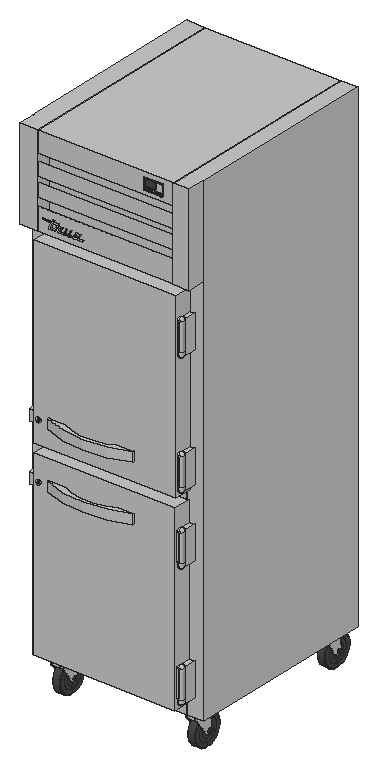
Revit family "QF_TRUE_STG1H-2HS", category Specialty Equipment, Revit 2012 (continued)
Automatic sketch dimensions
  plane 1 "BACK" to Extrusion 27 sketch curve = 1.8585"
  plane 1 "BACK" to Extrusion 27 sketch curve = 1.1077"
  Extrusion 27 sketch curve to Extrusion 27 sketch curve = 0.32905"
  Extrusion 27 sketch curve to Extrusion 27 sketch curve = 0.60485"  (x2)
  Extrusion 28 sketch curve to plane 7 = 0.63926"  (x2)
  Extrusion 28 sketch curve to plane 5 "FRONT" = 3.79864"
  Extrusion 28 sketch curve to Extrusion 28 sketch curve = 1/4"  (x2)
  level to Extrusion 28 sketch curve = 2.18736"  (x2)
  Extrusion 28 sketch curve to Extrusion 28 sketch curve = 1.7492"
  Extrusion 28 sketch curve to Extrusion 28 sketch curve = 0.50669"  (x2)
  Extrusion 28 sketch curve to Extrusion 28 sketch curve = 2 1/2"
  level to Extrusion 28 sketch curve = 2.59003"
  Extrusion 28 sketch curve to Extrusion 28 sketch curve = 0.59966"  (x2)
  plane 1 "BACK" to Extrusion 28 sketch curve = 3.8577"
  plane 1 "BACK" to Extrusion 28 sketch curve = 1.8585"
  plane 1 "BACK" to Extrusion 28 sketch curve = 1.1077"
  Extrusion 28 sketch curve to Extrusion 28 sketch curve = 0.32905"
  Extrusion 28 sketch curve to Extrusion 28 sketch curve = 0.60485"  (x2)
  Revolve 29 sketch curve to plane 7 = 0.62954"
  Revolve 29 sketch curve to plane 4 "RIGHT" = 4.14082"
  Revolve 29 sketch curve to Revolve 29 sketch curve = 1.29707"
  Revolve 29 sketch curve to Revolve 29 sketch curve = 0"
  Revolve 29 sketch curve to Revolve 29 sketch curve = 0.10278"
  Revolve 29 sketch curve to plane 7 = 0.00141"
  plane 7 to Revolve 29 sketch curve = 0.26768"
  Revolve 30 sketch curve to level = 0"
  Revolve 30 sketch curve to plane 7 = 0"
  Revolve 30 sketch curve to plane 4 "RIGHT" = 4.17713"
  level to Revolve 30 sketch curve = 1"
  Revolve 30 sketch curve to plane 4 "RIGHT" = 3 19/32"
  Revolve 30 sketch curve to Revolve 30 sketch curve = 1/4"
  Revolve 30 sketch curve to Revolve 30 sketch curve = 1/2"
  Revolve 30 sketch curve to Revolve 30 sketch curve = 0"
  Revolve 30 sketch curve to Revolve 30 sketch curve = 5/8"
  plane 7 to Revolve 30 sketch curve = 1 25/32"
  Revolve 31 sketch curve to level = 0"
  Revolve 31 sketch curve to plane 7 = 0"
  Revolve 31 sketch curve to plane 4 "RIGHT" = 4.17713"
  level to Revolve 31 sketch curve = 1"
  Revolve 31 sketch curve to plane 4 "RIGHT" = 3 19/32"
  Revolve 31 sketch curve to Revolve 31 sketch curve = 1/4"
  Revolve 31 sketch curve to Revolve 31 sketch curve = 1/2"
  Revolve 31 sketch curve to Revolve 31 sketch curve = 0"
  Revolve 31 sketch curve to Revolve 31 sketch curve = 5/8"
  plane 7 to Revolve 31 sketch curve = 1 25/32"
  Revolve 32 sketch curve to plane 7 = 0.62954"
  Revolve 32 sketch curve to plane 4 "RIGHT" = 4.14082"
  Revolve 32 sketch curve to Revolve 32 sketch curve = 1.29707"
  Revolve 32 sketch curve to Revolve 32 sketch curve = 0"
  Revolve 32 sketch curve to Revolve 32 sketch curve = 0.10278"
  Revolve 32 sketch curve to plane 7 = 0.00141"
  plane 7 to Revolve 32 sketch curve = 0.26768"
  Extrusion 33 sketch curve to plane 7 = 0.63926"  (x2)
  Extrusion 33 sketch curve to plane 5 "FRONT" = 3.79864"
  Extrusion 33 sketch curve to Extrusion 33 sketch curve = 1/4"  (x2)
  Extrusion 33 sketch curve to Extrusion 33 sketch curve = 2 1/2"
  Extrusion 33 sketch curve to plane 7 = 0.93273"  (x2)
  Extrusion 33 sketch curve to Extrusion 33 sketch curve = 0.03603"
  plane 1 "BACK" to Extrusion 33 sketch curve = 3.8577"
  Extrusion 33 sketch curve to plane 7 = 1.24411"
  plane 1 "BACK" to Extrusion 33 sketch curve = 1.1077"
  Revolve 34 sketch curve to plane 4 "RIGHT" = 4.35148"
  Revolve 34 sketch curve to Revolve 34 sketch curve = 0.48273"
  Revolve 34 sketch curve to Revolve 34 sketch curve = 0.4"
  Revolve 34 sketch curve to Revolve 34 sketch curve = 0"  (x2)
  Revolve 34 sketch curve to Revolve 34 sketch curve = 0.1"  (x2)
  Revolve 34 sketch curve to Revolve 34 sketch curve = 0.16101"
  Revolve 34 sketch curve to Revolve 34 sketch curve = 0.75408"
  Revolve 34 sketch curve to Revolve 34 sketch curve = 0.92798"
  Revolve 34 sketch curve to Revolve 34 sketch curve = 0.06101"
  Revolve 34 sketch curve to Revolve 34 sketch curve = 1/2"
  Revolve 34 sketch curve to Revolve 34 sketch curve = 0.16509"
  Revolve 34 sketch curve to Revolve 34 sketch curve = 0.39592"
  level to Revolve 34 sketch curve = 2 1/2"
  Revolve 34 sketch curve to Revolve 34 sketch curve = 0.29941"  (x2)
  Revolve 34 sketch curve to Revolve 34 sketch curve = 3/4"  (x4)
  Revolve 34 sketch curve to Revolve 34 sketch curve = 0.59652"
  Revolve 34 sketch curve to Revolve 34 sketch curve = 0.60059"
  plane 3 "LEFT" to Revolve 35 sketch curve = 1.33602"
  Revolve 35 sketch curve to Revolve 35 sketch curve = 0.48273"
  Revolve 35 sketch curve to plane 8 = 5/8"  (x2)
  Revolve 35 sketch curve to Revolve 35 sketch curve = 0.1"  (x2)
  Revolve 35 sketch curve to Revolve 35 sketch curve = 0.16101"
  plane 8 to Revolve 35 sketch curve = 0.12908"
  plane 8 to Revolve 35 sketch curve = 0.46399"
  plane 8 to Revolve 35 sketch curve = 0.525"
  Revolve 35 sketch curve to Revolve 35 sketch curve = 1/2"
  Revolve 35 sketch curve to Revolve 35 sketch curve = 0.16509"
  Revolve 35 sketch curve to Revolve 35 sketch curve = 0.39592"
  level to Revolve 35 sketch curve = 2 1/2"
  Revolve 35 sketch curve to Revolve 35 sketch curve = 0"
  Revolve 35 sketch curve to Revolve 35 sketch curve = 0.29941"  (x2)
  Revolve 35 sketch curve to Revolve 35 sketch curve = 3/4"  (x4)
  Revolve 35 sketch curve to Revolve 35 sketch curve = 0.59652"
  Revolve 35 sketch curve to Revolve 35 sketch curve = 0.60059"
  Extrusion 36 sketch curve to plane 7 = 0.63926"  (x2)
  Extrusion 36 sketch curve to plane 5 "FRONT" = 3.79864"
  Extrusion 36 sketch curve to Extrusion 36 sketch curve = 1/4"  (x2)
  level to Extrusion 36 sketch curve = 2.18736"  (x2)
  Extrusion 36 sketch curve to Extrusion 36 sketch curve = 1.7492"
  Extrusion 36 sketch curve to Extrusion 36 sketch curve = 0.50669"  (x2)
  Extrusion 36 sketch curve to Extrusion 36 sketch curve = 2 1/2"
  level to Extrusion 36 sketch curve = 2.59003"
  Extrusion 36 sketch curve to Extrusion 36 sketch curve = 0.59966"  (x2)
  plane 1 "BACK" to Extrusion 36 sketch curve = 3.8577"
  plane 1 "BACK" to Extrusion 36 sketch curve = 1.8585"
  plane 1 "BACK" to Extrusion 36 sketch curve = 1.1077"
  Extrusion 36 sketch curve to Extrusion 36 sketch curve = 0.32905"
  Extrusion 36 sketch curve to Extrusion 36 sketch curve = 0.60485"  (x2)
  Extrusion 37 sketch curve to plane 7 = 0.63926"  (x2)
  Extrusion 37 sketch curve to plane 5 "FRONT" = 3.79864"
  Extrusion 37 sketch curve to Extrusion 37 sketch curve = 1/4"  (x2)
  level to Extrusion 37 sketch curve = 2.18736"  (x2)
  Extrusion 37 sketch curve to Extrusion 37 sketch curve = 1.7492"
  Extrusion 37 sketch curve to Extrusion 37 sketch curve = 0.50669"  (x2)
  Extrusion 37 sketch curve to Extrusion 37 sketch curve = 2 1/2"
  level to Extrusion 37 sketch curve = 2.59003"
  Extrusion 37 sketch curve to Extrusion 37 sketch curve = 0.59966"  (x2)
  plane 1 "BACK" to Extrusion 37 sketch curve = 3.8577"
  plane 1 "BACK" to Extrusion 37 sketch curve = 1.8585"
  plane 1 "BACK" to Extrusion 37 sketch curve = 1.1077"
  Extrusion 37 sketch curve to Extrusion 37 sketch curve = 0.32905"
  Extrusion 37 sketch curve to Extrusion 37 sketch curve = 0.60485"  (x2)
  Revolve 38 sketch curve to plane 8 = 0"  (x2)
  Revolve 38 sketch curve to plane 7 = 0.62954"
  Revolve 38 sketch curve to plane 8 = 1.29707"
  Revolve 38 sketch curve to Revolve 38 sketch curve = 0.10278"
  Revolve 38 sketch curve to plane 7 = 0.00141"
  plane 7 to Revolve 38 sketch curve = 0.26768"
  Revolve 39 sketch curve to level = 0"
  Revolve 39 sketch curve to plane 8 = 0"  (x2)
  Revolve 39 sketch curve to plane 8 = 1/2"
  Revolve 39 sketch curve to Revolve 39 sketch curve = 1/4"
  Revolve 39 sketch curve to plane 7 = 0"
  Revolve 39 sketch curve to plane 8 = 1.33338"
  level to Revolve 39 sketch curve = 1"
  Revolve 39 sketch curve to Revolve 39 sketch curve = 5/8"
  plane 7 to Revolve 39 sketch curve = 1 25/32"
  Revolve 40 sketch curve to level = 0"
  Revolve 40 sketch curve to plane 8 = 0"  (x2)
  Revolve 40 sketch curve to plane 8 = 1/2"
  Revolve 40 sketch curve to Revolve 40 sketch curve = 1/4"
  Revolve 40 sketch curve to plane 7 = 0"
  Revolve 40 sketch curve to plane 8 = 1.33338"
  level to Revolve 40 sketch curve = 1"
  Revolve 40 sketch curve to Revolve 40 sketch curve = 5/8"
  plane 7 to Revolve 40 sketch curve = 1 25/32"
  Revolve 41 sketch curve to plane 8 = 0"  (x2)
  Revolve 41 sketch curve to plane 7 = 0.62954"
  Revolve 41 sketch curve to plane 8 = 1.29707"
  Revolve 41 sketch curve to Revolve 41 sketch curve = 0.10278"
  Revolve 41 sketch curve to plane 7 = 0.00141"
  plane 7 to Revolve 41 sketch curve = 0.26768"
  Extrusion 42 sketch curve to plane 7 = 0.63926"  (x2)
  Extrusion 42 sketch curve to plane 5 "FRONT" = 3.79864"
  Extrusion 42 sketch curve to Extrusion 42 sketch curve = 1/4"  (x2)
  Extrusion 42 sketch curve to Extrusion 42 sketch curve = 2 1/2"
  Extrusion 42 sketch curve to plane 7 = 0.93273"  (x2)
  Extrusion 42 sketch curve to Extrusion 42 sketch curve = 0.03603"
  plane 1 "BACK" to Extrusion 42 sketch curve = 3.8577"
  Extrusion 42 sketch curve to plane 7 = 1.24411"
  plane 1 "BACK" to Extrusion 42 sketch curve = 1.1077"
  plane 3 "LEFT" to Revolve 43 sketch curve = 1.33602"
  Revolve 43 sketch curve to Revolve 43 sketch curve = 0.48273"
  Revolve 43 sketch curve to plane 8 = 5/8"  (x2)
  Revolve 43 sketch curve to Revolve 43 sketch curve = 0.1"  (x2)
  Revolve 43 sketch curve to Revolve 43 sketch curve = 0.16101"
  plane 8 to Revolve 43 sketch curve = 0.12908"
  plane 8 to Revolve 43 sketch curve = 0.46399"
  plane 8 to Revolve 43 sketch curve = 0.525"
  Revolve 43 sketch curve to Revolve 43 sketch curve = 1/2"
  Revolve 43 sketch curve to Revolve 43 sketch curve = 0.16509"
  Revolve 43 sketch curve to Revolve 43 sketch curve = 0.39592"
  level to Revolve 43 sketch curve = 2 1/2"
  Revolve 43 sketch curve to Revolve 43 sketch curve = 0"
  Revolve 43 sketch curve to Revolve 43 sketch curve = 0.29941"  (x2)
  Revolve 43 sketch curve to Revolve 43 sketch curve = 3/4"  (x4)
  Revolve 43 sketch curve to Revolve 43 sketch curve = 0.59652"
  Revolve 43 sketch curve to Revolve 43 sketch curve = 0.60059"
  plane 5 "FRONT" to Extrusion 44 sketch curve = 1/16"
  Extrusion 44 sketch curve to plane 8 = 9/16"
  Extrusion 44 sketch curve to plane 4 "RIGHT" = 2 1/4"
  Extrusion 45 sketch curve to plane 8 = 0"
  Extrusion 45 sketch curve to plane 5 "FRONT" = 5.09023"
  Extrusion 46 sketch curve to plane 8 = 0"
  plane 1 "BACK" to Extrusion 46 sketch curve = 2.69102"
  Extrusion 47 sketch curve to plane 4 "RIGHT" = 2 27/32"
  plane 1 "BACK" to Extrusion 47 sketch curve = 2.69102"
  Extrusion 48 sketch curve to plane 4 "RIGHT" = 2 27/32"
  Extrusion 48 sketch curve to plane 5 "FRONT" = 5.09023"
  plane 8 to Extrusion 49 sketch curve = 0.1984"
  plane 8 to Extrusion 49 sketch curve = 7/32"
  Extrusion 49 sketch curve to Extrusion 49 sketch curve = 0.0555"
  plane 7 to Extrusion 49 sketch curve = 26.91365"
  Extrusion 49 sketch curve to Extrusion 49 sketch curve = 0.27385"
  Extrusion 49 sketch curve to Extrusion 49 sketch curve = 0.29355"
  Blend 50 sketch curve to plane 8 = 9/16"  (x2)
  Blend 50 sketch curve to Blend 50 sketch curve = 3/4"
  plane 7 to Blend 50 sketch curve = 28.00831"
  Blend 50 sketch curve to Blend 50 sketch curve = 1 3/4"
  Blend 50 sketch curve to Blend 50 sketch curve = 0.93223"
  plane 7 to Blend 50 sketch curve = 28.6059"
  Blend 50 sketch curve to Blend 50 sketch curve = 2.78233"
  plane 5 "FRONT" to Extrusion 51 sketch curve = 0"  (x2)
  plane 8 to Extrusion 51 sketch curve = 1.91371"
  Extrusion 51 sketch curve to Extrusion 51 sketch curve = 2.4"  (x2)
  plane 8 to Extrusion 51 sketch curve = 8.71371"
  Extrusion 51 sketch curve to Extrusion 51 sketch curve = 0"
  Extrusion 51 sketch curve to Extrusion 51 sketch curve = 0.2"
  Extrusion 51 sketch curve to plane 5 "FRONT" = 7.77899"
  Extrusion 51 sketch curve to Extrusion 51 sketch curve = 7.30945"
  plane 5 "FRONT" to Extrusion 52 sketch curve = 1/16"
  Extrusion 52 sketch curve to plane 8 = 9/16"
  Extrusion 52 sketch curve to plane 4 "RIGHT" = 2 1/4"
  plane 1 "BACK" to curve 1 = 0"
  curve 1 to plane 3 "LEFT" = 0"
  plane 5 "FRONT" to curve 27 = 0"
  curve 5 to plane 4 "RIGHT" = 0"
  plane 3 "LEFT" to curve 11 = 1.20097"
  plane 3 "LEFT" to curve 8 = 1.20097"
  curve 27 to plane 8 = 9/16"
  curve 13 to plane 8 = 11/32"
  curve 9 to plane 8 = 11/32"
  plane 1 "BACK" to curve 11 = 0.4208"
  plane 8 to curve 11 = 0.98222"
  plane 8 to curve 7 = 0.98222"
  plane 5 "FRONT" to curve 24 = 0.2"
  plane 8 to curve 24 = 1.91371"
  plane 8 to curve 26 = 2.51473"
  curve 24 to curve 22 = 2.4"
  curve 6 to curve 22 = 6.43246"
  curve 23 to curve 22 = 0"
  curve 22 to curve 25 = 2.4"
  curve 15 to plane 4 "RIGHT" = 5.39157"
  curve 19 to plane 4 "RIGHT" = 5.29782"
  curve 15 to curve 16 = 1.29904"
  curve 19 to curve 20 = 1.29904"
  plane 1 "BACK" to curve 15 = 0.4208"
  curve 15 to plane 4 "RIGHT" = 2.76657"
  curve 19 to plane 4 "RIGHT" = 2.67282"
  curve 26 to curve 27 = 0"
  curve 5 to plane 5 "FRONT" = 2 1/4"
  curve 21 to plane 5 "FRONT" = 3.92849"
  curve 5 to curve 8 = 1.78257"
  curve 20 to curve 20 = 3/4"
  curve 8 to curve 7 = 3/4"
  curve 22 to curve 6 = 0.80021"
  curve 22 to curve 23 = 7.30945"
  curve 12 to curve 10 = 5.29663"
  curve 16 to curve 14 = 5.29663"
  curve 26 to plane 4 "RIGHT" = 2 1/4"
  radius of Extrusion 8 sketch curve = 0.35"
  radius of Extrusion 12 sketch curve = 1/4"
  radius of Extrusion 45 sketch curve = 1 1/2"
  radius of Extrusion 46 sketch curve = 1 1/2"
  radius of Extrusion 47 sketch curve = 1 1/2"
  radius of Extrusion 48 sketch curve = 1 1/2"
  radius of Extrusion 49 sketch curve = 0.35"
Connectors (in)
  electrical at (24.25, -0.0625, 82), driven by "Volts", driven by "Watts"
    settings: on Extrusion 12, index 1, voltage 208 V, apparent load 1500 VA, apparent load phase1 0 VA, apparent load phase2 0 VA, apparent load phase3 0 VA, power factor 1, load classification "Other", number of poles 1, system type 30, power factor state 1, is connector primary yes, connector utility no, sub classification motor no, connector description "ELECTRICAL CONNECTION"
